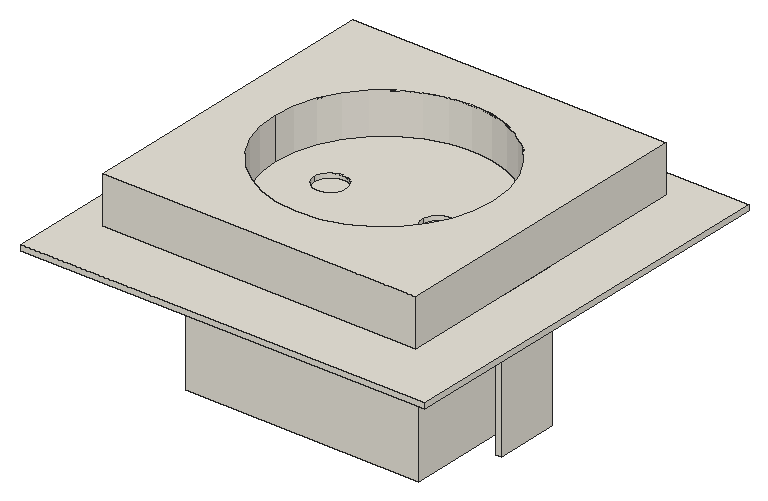
Revit family "Gira_041401", category Electrical Fixtures, host Face, Revit 2017
Family settings
  Host = Face
  Maintain Annotation Orientation = Yes
  Round Connector Dimension = Use Diameter
  Part Type = Normal
  Cut with Voids When Loaded = No
  Shared = No
  Room Calculation Point = No
Parameters (values of type "SCHUKO HC + SH System 55 cr.white")
  URL = "http://katalog.gira.de/en/datenblatt.html?artikelnr=041401"
  Transparent = "No"
  Name = "SCHUKO HC + SH System 55 cr.white"
  Model = "Protective contact (SCHUKO)"
  Manufacturer URL = "https://www.gira.de/"
  Manufacturer = "Gira"
  HeinzeBIM = "https://bimportal.heinze.de/bim/schuko-hc-sh-system-55-cr-white/bd82dc02df0ef36c19f9f513c0456cff2371cf5b"
  HAN = "041401"
  GTIN = "4010337414018"
  Description = "SCHUKO HC SH Sys55 CW,SCHUKO socket outlet 16 A 250 V~ hinged cover, integrated increased contact protection (shutter) and symbol ,,cream white glossy,Notes :,- In conjunction with the seal set and frame, 1-gang to 5-gang from the Standard 55 and Gira E2 design lines, flush-mounted SCHUKO socket outlets with hinged covers can be installed water-protected in accordance with IP44.,- Increased contact protection pursuant to DIN-VDE 0620-1."
  Default Elevation = 1219.2 mm
  Data sheet (1) = "https://katalog.gira.de/en/download.html?artikelnr=041401"
  Cremeweiß glänzend = Cremeweiß glänzend
  Category = "Socket outlet"
  BIM (1) = "https://media.stage.bim.site/public/gira/36a6b08/SYS55_Steckdose.rfa"
  Available = "No"
Reference planes
  plane 1 "Center (Front/Back)": y = 0
  plane 2 "Reference Level 0": z = 0
  plane 3 "Center (Left/Right)": x = 0
  plane 4: x = 9.5
  plane 5: x = -9.5
  plane 6: x = 9.5
  plane 7: x = -9.5
  plane 8: x = 9.5
  plane 9: x = -9.5
  plane 10: x = 17.5
  plane 11 "Reference Level 1": z = 8.2
Forms (mm)
  Extrusion 1, solid, material "Cremeweiß glänzend" <- "Cremeweiß glänzend", detail levels coarse
    sketch origin (0, 0, 0) x (1, 0, 0) y (0, 1, 0)
      loop
        line (-35.5, 35.5) -> (-35.5, -35.5) -> (35.5, -35.5) -> (35.5, 35.5) -> (-35.5, 35.5)
    from -27.5 to 8.2
  Extrusion 2, solid, material "Cremeweiß glänzend" <- "Cremeweiß glänzend", detail levels medium+fine
    sketch origin (0, 0, 0) x (1, 0, 0) y (0, 1, 0)
      loop
        line (-35.5, 35.5) -> (-35.5, -35.5) -> (35.5, -35.5) -> (35.5, 35.5) -> (-35.5, 35.5)
    from -2.2 to -3.2
  Extrusion 3, solid, material "Cremeweiß glänzend" <- "Cremeweiß glänzend", detail levels medium+fine
    sketch origin (0, 0, 0) x (1, 0, 0) y (0, 1, 0)
      loop
        line (-27.5, 27.5) -> (-27.5, -27.5) -> (27.5, -27.5) -> (27.5, 27.5) -> (-27.5, 27.5)
      loop
        circle (0, 0) r 19.2
    from 0 to 8.2
  Extrusion 4, solid, material "Cremeweiß glänzend" <- "Cremeweiß glänzend", detail levels fine
    sketch origin (0, 0, 0) x (1, 0, 0) y (0, 1, 0)
      loop
        circle (0, 0) r 19.2
      loop
        circle (9.5, 0) r 2.8
      loop
        circle (-9.5, 0) r 2.8
    from 0 to 1
  Extrusion 5, solid, material "Cremeweiß glänzend" <- "Cremeweiß glänzend", detail levels fine
    sketch origin (0, 0, 0) x (1, 0, 0) y (0, 1, 0)
      loop
        circle (-9.5, 0) r 2.8
      loop
        circle (9.5, 0) r 2.8
    from -2.2 to 0.3
  Extrusion 6, solid, material "Cremeweiß glänzend" <- "Cremeweiß glänzend", detail levels medium
    sketch origin (0, 0, 0) x (1, 0, 0) y (0, 1, 0)
      loop
        circle (0, 0) r 19.2
      loop
        circle (9.5, 0) r 2.8
      loop
        circle (-9.5, 0) r 2.8
    from 7.2 to 8.2
  Extrusion 7, solid, material "Cremeweiß glänzend" <- "Cremeweiß glänzend", detail levels medium
    sketch origin (0, 0, 0) x (1, 0, 0) y (0, 1, 0)
      loop
        circle (-9.5, 0) r 2.8
      loop
        circle (9.5, 0) r 2.8
    from 7.2 to 8.2
  Extrusion 8, solid, material "Cremeweiß glänzend" <- "Cremeweiß glänzend", detail levels medium+fine
    sketch origin (0, 0, 0) x (1, 0, 0) y (0, 1, 0)
      loop
        line (-20.5, 9) -> (-20.5, -18) -> (20.5, -18) -> (20.5, 9) -> (17.5, 9) -> (3, 21) -> (3, 24) -> (-3, 24) -> (-3, 21) -> (-17.5, 9) -> (-20.5, 9)
    from 0 to -27.5
  Extrusion 9, solid, material "Cremeweiß glänzend" <- "Cremeweiß glänzend", detail levels medium+fine
    sketch origin (0, 0, 0) x (1, 0, 0) y (0, 1, 0)
      loop
        line (-25, 5.5) -> (-25, -5.5) -> (-24, -5.5) -> (-24, 5.5) -> (-25, 5.5)
    from 0 to -27.5
  Extrusion 10, solid, material "Cremeweiß glänzend" <- "Cremeweiß glänzend", detail levels medium+fine
    sketch origin (0, 0, 0) x (-1, 0, 0) y (0, -1, 0)
      loop
        line (-25, 5.5) -> (-25, -5.5) -> (-24, -5.5) -> (-24, 5.5) -> (-25, 5.5)
    from 0 to -27.5
Dimensions and locks
  aligned and locked: plane 2 "Reference Level 0" to host face
  aligned and locked: level to host face
  aligned and locked: plane 3 "Center (Left/Right)" to nested 1
  aligned and locked: plane 1 "Center (Front/Back)" to nested 1
Nested families
  nested 1: "Steckdose 1-fach Beschriftung" at (0, 0, 0), type "Steckdose 1-fach Beschriftung"
Connectors
  electrical at (0, 9, -27.5)
    settings: on Extrusion 8, index 1, voltage 220 V, apparent load 0 VA, apparent load phase1 0 VA, apparent load phase2 0 VA, apparent load phase3 0 VA, power factor 1, load classification "Other", number of poles 1, system type 31, power factor state 1, is connector primary yes, connector utility no, sub classification motor no, connector description ""
Definition of nested family "Steckdose 1-fach Beschriftung"
  Reference planes
    plane 1: y = 0
    plane 2: x = 0
  Lines and regions (mm)
    detail lines
      curve 1: line (0, 0, 0) -> (0, 2, 0)
      curve 3: line (0, 2, 0) -> (-1, 2, 0)
      curve 4: arc (1, 3, 0) -> (0, 2, 0) -> (-1, 3, 0) r 1
      curve 5: line (0, 2, 0) -> (1, 2, 0)
    reference lines
      curve 2: line (-0.485, 3, 0) -> (2.315, 3, 0)
  Dimensions and locks
    curve 1 to curve 1 = 2 mm
    plane 1 to curve 2 = 3 mm
    curve 3 to curve 3 = 1 mm
